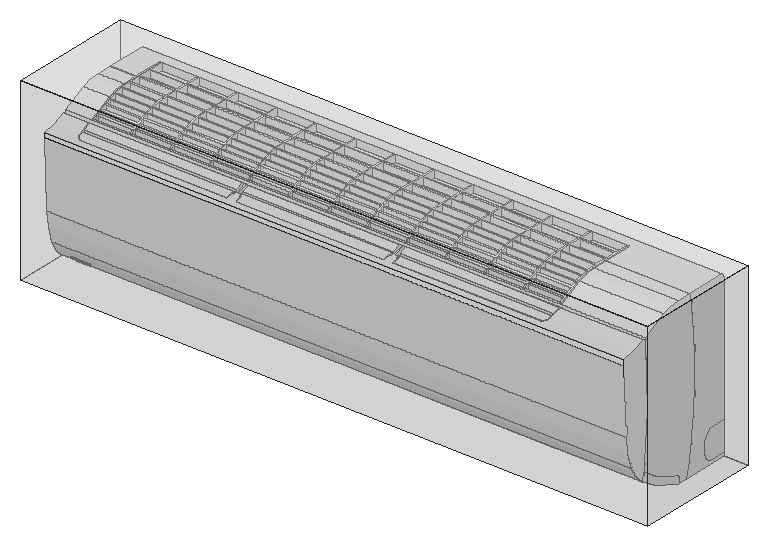
Revit family "outputfile", category 機械設備, Revit 2024
Family settings
  丸型コネクタ寸法 = 半径を使用
  パーツ タイプ = 標準
  OmniClass 番号 = 23.75.10.24.21.27.27
  OmniClass タイトル = Split System Air Conditioning Units
  作業面ベース = いいえ
  常に垂直 = はい
  ロード時にボイドで切り取り = いいえ
  注釈の向きを維持 = いいえ
  共有 = いいえ
  部屋計算ポイント = いいえ
Parameters (values of type "FTKM95P2VMA")
  Description = ""
  製造元 = "Daikin"
  書き出し IFC クラス(タイプ) = "IfcUnitaryEquipmentType"
  定義済み IFC タイプ(タイプ) = "AIRCONDITIONINGUNIT"
  Cost = 0
  モデル = "FTKM95P2VMA"
  Type Comments = ""
  Keynote = ""
  Type Image = (empty or 0)
  Assembly Code = ""
  switch_frequency = yes
  r_Liquid Pipe Size = Liquid Pipe Size / 2  # 3.2 mm
  r_Gas Pipe Size = Gas Pipe Size / 2  # 7.95 mm
  r_Drain Pipe Size = Drain Pipe Size / 2  # 8.0 mm
  lw_powersupply [instance] = if(Left Connection_refrigerant, 389.0 mm, if(Right Connection_refrigerant, 389.0 mm, if(or(Rear Left Connection_refrigerant, Bottom Left Connection_refrigerant), 1120.0 mm, 105.0 mm)))  # 389.0 mm
  lw_liquidpipe [instance] = if(Left Connection_refrigerant, 549.0 mm, if(Right Connection_refrigerant, 549.0 mm, if(or(Rear Left Connection_refrigerant, Bottom Left Connection_refrigerant), 1135.0 mm, 85.0 mm)))  # 549.0 mm
  lw_gaspipe [instance] = if(Left Connection_refrigerant, 489.0 mm, if(Right Connection_refrigerant, 489.0 mm, if(or(Rear Left Connection_refrigerant, Bottom Left Connection_refrigerant), 1150.0 mm, 70.0 mm)))  # 489.0 mm
  lw_drainpipe [instance] = if(Left Connection_refrigerant, 554.0 mm, if(Right Connection_refrigerant, 554.0 mm, if(or(Rear Left Connection_refrigerant, Bottom Left Connection_refrigerant), 1120.0 mm, 105.0 mm)))  # 554.0 mm
  l_powersupply_length [instance] = if(Right Connection_refrigerant, 389.0 mm, if(Left Connection_refrigerant, 811.0 mm, if(or(Rear Left Connection_refrigerant, Rear Right Connection_refrigerant), 15.0 mm, 50.0 mm)))  # 389.0 mm
  l_liquidpipe_length [instance] = if(Right Connection_refrigerant, 549.0 mm, if(Left Connection_refrigerant, 651.0 mm, if(or(Rear Left Connection_refrigerant, Rear Right Connection_refrigerant), 30.0 mm, 40.0 mm)))  # 549.0 mm
  l_gaspipe_length [instance] = if(Right Connection_refrigerant, 489.0 mm, if(Left Connection_refrigerant, 711.0 mm, if(or(Rear Left Connection_refrigerant, Rear Right Connection_refrigerant), 15.0 mm, 25.0 mm)))  # 489.0 mm
  l_drainpipe_length [instance] = if(Right Connection_refrigerant, 554.0 mm, if(Left Connection_refrigerant, 646.0 mm, if(or(Rear Left Connection_refrigerant, Rear Right Connection_refrigerant), 35.0 mm, 30.0 mm)))  # 554.0 mm
  h*** = 0.0 mm  # constant formula
  connector_voltage = Voltage_50Hz  # 230 V
  connector_powerinput = [Power Input (Cooling)]  # 0.000 kW
  connector_phase = Phase_50Hz  # 1
  angle_vertical [instance] = if(or(Bottom Left Connection_refrigerant, Bottom Right Connection_refrigerant), 0.00°, 90.00°)  # 90.00°
  angle_horizontal [instance] = if(Right Connection_refrigerant, 90.00°, if(Left Connection_refrigerant, -90.00°, if(or(Rear Left Connection_refrigerant, Rear Right Connection_refrigerant), 180.00°, 0.00°)))  # 90.00°
  Width = 1200.0 mm
  Voltage_comment_50Hz = "220 - 240"
  Voltage_50Hz = 230 V
  Version = "ver.1.0"
  Unit Type = "Wall Mounted"
  Unit Mass Weight = 17.00 kg
  Unit Designation [instance] = ""
  Uniclass2015Version = "Products v1.30"
  Uniclass2015Title = "Split coil room air conditioning units"
  Uniclass2015Code = "Pr_70_65_03_86"
  URL = ""
  Total Cooling Capacity [instance] = 0.000 kW
  Sound Pressure Level_M speed (dBA) = 48
  Sound Pressure Level_L speed (dBA) = 43
  Sound Pressure Level_H speed (dBA) = 53
  Sound Power Level_H speed (dB) = 0
  Series = "Single Split_Fan Coil Unit"
  Sensible Cooling Capacity [instance] = 0.000 kW
  Refrigerant Type = "R32"
  Power Input (Cooling) = 0.000 kW
  Phase_50Hz = 1
  Option Accessory 3 [instance] = ""
  Option Accessory 2 [instance] = ""
  Option Accessory 1 [instance] = ""
  Nominal Cooling Capacity = 9.400 kW
  Minimum Circuit Amps_50Hz = 0.0 A
  Minimum Airflow = 966.00 m³/h
  Median Airflow = 1160.00 m³/h
  Maximum Fuse Amps_50Hz = 0.0 A
  Maximum Airflow = 1380.00 m³/h
  Material_Casing = DAIKIN_PureWhite_Casing_indoorunit
  Load Classification = HVAC
  Liquid Pipe Size = 6.4 mm
  Link_Nested Family [instance] = ""
  IfcVersion = ""
  IfcExportType = "AIRCONDITIONINGUNIT"
  IfcExportAs = "IfcUnitaryEquipmentType"
  Height = 340.0 mm
  Heat Exchanger Type = "Cross Fin Coil"
  Gas Pipe Size = 15.9 mm
  Frequency_50Hz = 50 Hz
  Fan Type = "Cross Flow Fan"
  Fan Drive = "Direct Drive"
  FCU Tag No. [instance] = ""
  Drain Pipe Size = 16.0 mm
  Design Supply Airflow [instance] = 0.00 m³/h
  Depth = 259.0 mm
  既定の高さ = 0.0 mm
  Cooling Entering Wet Bulb Temperature [instance] = 0.00 °C
  Cooling Entering Dry Bulb Temperature [instance] = 0.00 °C
  Cooling Ambient Wet Bulb Temperature [instance] = 0.00 °C
  Cooling Ambient Dry Bulb Temperature [instance] = 0.00 °C
  Clearance visibility [instance] = yes
  Clearance Top = 30.0 mm
  Clearance Right = 50.0 mm
  Clearance Rear = 0.0 mm
  Clearance Left = 50.0 mm
  Clearance Front = 0.0 mm
  Clearance Bottom = 0.0 mm
  Bottom Right Connection_refrigerant [instance] = no
  Bottom Left Connection_refrigerant [instance] = no
  Rear Right Connection_refrigerant [instance] = no
  Rear Left Connection_refrigerant [instance] = no
  Right Connection_refrigerant [instance] = yes
  Left Connection_refrigerant [instance] = no
Reference planes
  plane 1 "Back": y = 0
  plane 2: z = 0
  plane 3 "Center (Left/Right)": x = 0
  plane 4 "Center (Front/Back)": y = -129.5
  plane 5 "Front": y = -259
  plane 6 "Left": x = -600
  plane 7 "Right": x = 600
  plane 8 "Top": z = 0
  plane 9 "Bottom": z = -340
  plane 10: x = -650
  plane 11: z = -340
  plane 12 "ld_drainpipe": y = -15
  plane 13 "ld_liquidpipe": y = -30
  plane 14: x = 111
  plane 15: x = 51
  plane 16: x = 46
  plane 17: z = 30
  plane 18: x = 650
  plane 19: y = 0
  plane 20: y = -259
  plane 21: x = 211
  plane 22: x = 511
  plane 23: y = -35
Forms (mm)
  Extrusion 1, solid, material "DAIKIN_PureWhite_Casing_indoorunit" <- "Material_Casing"
    sketch origin (0, 0, 0) x (1, 0, 0) y (0, 0, 1)
      loop
        circle (511, -295) r 40
      loop
        circle (-535, -295) r 40
    from 0 to 5
  Extrusion 2, solid, material "DAIKIN_PureWhite_Casing_indoorunit" <- "Material_Casing"
    sketch origin (600, 1296.25, 1200) x (0, -1, 0) y (0, 0, 1)
      loop
        line (1326.25, -1472) -> (1296.25, -1472) -> (1296.25, -1532) -> (1326.25, -1532)
        arc (1326.25, -1532) -> (1340.393, -1526.142) -> (1346.25, -1512) r 20
        line (1346.25, -1512) -> (1346.25, -1492)
        arc (1346.25, -1492) -> (1340.393, -1477.858) -> (1326.25, -1472) r 20
    from 0 to 5
  Extrusion 3, solid, material "DAIKIN_PureWhite_Casing_indoorunit" <- "Material_Casing"
    sketch origin (-600, 1296.25, 1200) x (0, 1, 0) y (0, 0, 1)
      loop
        line (-1296.25, -1472) -> (-1326.25, -1472)
        arc (-1326.25, -1472) -> (-1340.393, -1477.858) -> (-1346.25, -1492) r 20
        line (-1346.25, -1492) -> (-1346.25, -1512)
        arc (-1346.25, -1512) -> (-1340.393, -1526.142) -> (-1326.25, -1532) r 20
        line (-1326.25, -1532) -> (-1296.25, -1532) -> (-1296.25, -1472)
    from 0 to 5
  Extrusion 4, solid, material "DAIKIN_PureWhite_Casing_indoorunit" <- "Material_Casing"
    sketch origin (0, 0, -340) x (-1, 0, 0) y (0, -1, 0)
      loop
        line (-481, 0) -> (-481, 30)
        arc (-481, 30) -> (-486.858, 44.142) -> (-501, 50) r 20
        line (-501, 50) -> (-521, 50)
        arc (-521, 50) -> (-535.142, 44.142) -> (-541, 30) r 20
        line (-541, 30) -> (-541, 0) -> (-481, 0)
      loop
        line (565, 0) -> (565, 30)
        arc (565, 30) -> (559.142, 44.142) -> (545, 50) r 20
        line (545, 50) -> (525, 50)
        arc (525, 50) -> (510.858, 44.142) -> (505, 30) r 20
        line (505, 30) -> (505, 0) -> (565, 0)
    from 0 to 5
  Extrusion 5, solid, material "DAIKIN_PureWhite_Casing_indoorunit" <- "Material_Casing"
    sketch origin (-600, 1296.25, 1200) x (0, 1, 0) y (0, 0, 1)
      loop
        arc (-1384.085, -1200) -> (-1382.584, -1209.393) -> (-1381.156, -1218.797) r 1217.3
        arc (-1381.156, -1218.797) -> (-1378.93, -1237.783) -> (-1376.836, -1256.785) r 2738.4
        arc (-1376.836, -1256.785) -> (-1376.212, -1263.453) -> (-1375.66, -1270.127) r 616.9
        arc (-1375.66, -1270.127) -> (-1373.897, -1298.249) -> (-1372.816, -1326.405) r 1161.9
        arc (-1372.816, -1326.405) -> (-1372.551, -1347.31) -> (-1372.774, -1368.215) r 895.6
        arc (-1372.774, -1368.215) -> (-1373.847, -1397.407) -> (-1375.67, -1426.561) r 1135.9
        arc (-1375.67, -1426.561) -> (-1375.876, -1428.629) -> (-1376.05, -1430.7) r 137.566
        line (-1376.05, -1430.7) -> (-1376.748, -1437.825)
        arc (-1376.748, -1437.825) -> (-1376.846, -1438.875) -> (-1376.947, -1439.926) r 581.3
        arc (-1376.947, -1439.926) -> (-1378.672, -1455.935) -> (-1380.558, -1471.925) r 1594.373
        line (-1380.558, -1471.925) -> (-1381.15, -1476.7) -> (-1382.29, -1485.103)
        arc (-1382.29, -1485.103) -> (-1384.162, -1497.489) -> (-1386.134, -1509.86) r 1546.6
        arc (-1386.134, -1509.86) -> (-1388.869, -1524.943) -> (-1391.741, -1540) r 1684.8
        line (-1391.741, -1540) -> (-1296.25, -1540) -> (-1296.25, -1208) -> (-1301.25, -1200) -> (-1384.085, -1200)
    from 0 to 1200
  Extrusion 6, solid, material "DAIKIN_PureWhite_Casing_indoorunit" <- "Material_Casing"
    sketch origin (-600, 1296.25, 1200) x (0, 1, 0) y (0, 0, 1)
      loop
        arc (-1414.55, -1200) -> (-1434.024, -1201.914) -> (-1452.752, -1207.585) r 100
        arc (-1452.752, -1207.585) -> (-1476.474, -1218.33) -> (-1499.225, -1231) r 314.805
        line (-1499.225, -1231) -> (-1502.28, -1239.145)
        arc (-1502.28, -1239.145) -> (-1495.253, -1346.307) -> (-1501.778, -1453.5) r 851
        line (-1501.778, -1453.5) -> (-1501.982, -1455.13)
        arc (-1501.982, -1455.13) -> (-1503.516, -1466.618) -> (-1505.205, -1478.084) r 851
        arc (-1505.205, -1478.084) -> (-1474.895, -1497.904) -> (-1442.314, -1513.717) r 284.7
        arc (-1442.314, -1513.717) -> (-1431.603, -1517.85) -> (-1420.733, -1521.548) r 284.8
        arc (-1420.733, -1521.548) -> (-1416.044, -1524.921) -> (-1414.25, -1530.411) r 9.3
        line (-1414.25, -1530.411) -> (-1414.25, -1539.117)
        arc (-1414.25, -1539.117) -> (-1412.616, -1539.563) -> (-1410.98, -1540) r 299.8
        line (-1410.98, -1540) -> (-1391.741, -1540)
        arc (-1391.741, -1540) -> (-1389.65, -1529.113) -> (-1387.631, -1518.212) r 1684.8
        line (-1387.631, -1518.212) -> (-1386.731, -1513.212) -> (-1385.002, -1502.84)
        arc (-1385.002, -1502.84) -> (-1383.621, -1493.975) -> (-1382.29, -1485.103) r 1546.6
        line (-1382.29, -1485.103) -> (-1381.15, -1476.7) -> (-1380.558, -1471.925)
        arc (-1380.558, -1471.925) -> (-1378.672, -1455.935) -> (-1376.947, -1439.926) r 1594.373
        arc (-1376.947, -1439.926) -> (-1376.846, -1438.875) -> (-1376.75, -1437.8) r 581.3
        line (-1376.75, -1437.8) -> (-1376.05, -1430.7)
        arc (-1376.05, -1430.7) -> (-1375.876, -1428.629) -> (-1375.67, -1426.561) r 137.566
        arc (-1375.67, -1426.561) -> (-1373.847, -1397.407) -> (-1372.774, -1368.215) r 1135.9
        arc (-1372.774, -1368.215) -> (-1372.551, -1347.31) -> (-1372.816, -1326.405) r 895.6
        arc (-1372.816, -1326.405) -> (-1373.897, -1298.249) -> (-1375.66, -1270.127) r 1161.9
        arc (-1375.66, -1270.127) -> (-1376.212, -1263.453) -> (-1376.836, -1256.785) r 616.9
        arc (-1376.836, -1256.785) -> (-1378.693, -1239.872) -> (-1380.655, -1222.971) r 2738.4
        arc (-1380.655, -1222.971) -> (-1381.22, -1218.629) -> (-1381.831, -1214.293) r 417.8
        arc (-1381.831, -1214.293) -> (-1382.937, -1207.143) -> (-1384.085, -1200) r 1217.3
        line (-1384.085, -1200) -> (-1414.55, -1200)
    from 0 to 1200
  Extrusion 7, solid, material "DAIKIN_PureWhite_Casing_indoorunit" <- "Material_Casing"
    sketch origin (-600, 1296.25, 1200) x (0, 1, 0) y (0, 0, 1)
      loop
        arc (-1507.93, -1494.658) -> (-1478.905, -1512.844) -> (-1447.994, -1527.6) r 299.7
        arc (-1447.994, -1527.6) -> (-1431.293, -1533.86) -> (-1414.25, -1539.117) r 299.8
        line (-1414.25, -1539.117) -> (-1414.25, -1530.411)
        arc (-1414.25, -1530.411) -> (-1416.044, -1524.921) -> (-1420.733, -1521.548) r 9.3
        arc (-1420.733, -1521.548) -> (-1431.603, -1517.85) -> (-1442.314, -1513.717) r 284.8
        arc (-1442.314, -1513.717) -> (-1474.895, -1497.904) -> (-1505.205, -1478.084) r 284.7
        arc (-1505.205, -1478.084) -> (-1506.527, -1486.377) -> (-1507.93, -1494.658) r 851
    from 0 to 1200
  Extrusion 8, void
    sketch origin (-600, 1296.25, 1200) x (0, 1, 0) y (0, 0, 1)
      loop
        line (-1414.25, -1544.301) -> (-1414.25, -1530.411)
        arc (-1414.25, -1530.411) -> (-1416.044, -1524.921) -> (-1420.733, -1521.548) r 9.3
        arc (-1420.733, -1521.548) -> (-1431.603, -1517.85) -> (-1442.314, -1513.717) r 284.8
        arc (-1442.314, -1513.717) -> (-1474.895, -1497.904) -> (-1505.205, -1478.084) r 284.7
        arc (-1505.205, -1478.084) -> (-1506.979, -1489.099) -> (-1508.897, -1500.091) r 851
        arc (-1508.897, -1500.091) -> (-1480.28, -1517.791) -> (-1449.887, -1532.228) r 304.7
        arc (-1449.887, -1532.228) -> (-1432.255, -1538.815) -> (-1414.25, -1544.301) r 304.8
    from 47 to 1024
  Extrusion 9, solid, material "DAIKIN_PureWhite_Casing_indoorunit" <- "Material_Casing"
    sketch origin (-600, 1296.25, 1100) x (0, 1, 0) y (0, 0, 1)
      loop
        arc (-1507.885, -1394.678) -> (-1486.868, -1408.302) -> (-1464.786, -1420.124) r 299.701
        line (-1464.786, -1420.124) -> (-1458.696, -1407.518)
        arc (-1458.696, -1407.518) -> (-1482.692, -1394.492) -> (-1505.335, -1379.235) r 285.7
        arc (-1505.335, -1379.235) -> (-1506.574, -1386.963) -> (-1507.885, -1394.678) r 851.024
      loop
        arc (-1448.076, -1427.563) -> (-1441.661, -1430.104) -> (-1435.19, -1432.496) r 299.8
        line (-1435.19, -1432.496) -> (-1430.487, -1419.314)
        arc (-1430.487, -1419.314) -> (-1444.37, -1413.95) -> (-1457.955, -1407.87) r 285.8
        line (-1457.955, -1407.87) -> (-1464.006, -1420.505)
        arc (-1464.006, -1420.505) -> (-1456.092, -1424.15) -> (-1448.076, -1427.563) r 299.705
    from 52 to 1019
  Extrusion 10, solid, material "DAIKIN_PureWhite_Casing_indoorunit" <- "Material_Casing"
    sketch origin (-600, 1296.25, 1200) x (0, 1, 0) y (0, 0, 1)
      loop
        arc (-1507.918, -1494.588) -> (-1495.467, -1367.485) -> (-1502.176, -1239.949) r 851
        arc (-1502.176, -1239.949) -> (-1502.486, -1237.562) -> (-1502.803, -1235.176) r 851
        line (-1502.803, -1235.176) -> (-1504.147, -1234)
        arc (-1504.147, -1234) -> (-1529.2, -1243.032) -> (-1555.25, -1248.565) r 195
        line (-1555.25, -1248.565) -> (-1555.25, -1258.08)
        arc (-1555.25, -1258.08) -> (-1553.575, -1326.437) -> (-1549.278, -1394.679) r 1781.946
        arc (-1549.278, -1394.679) -> (-1544.581, -1427.054) -> (-1535.917, -1458.6) r 264.022
        arc (-1535.917, -1458.6) -> (-1524.928, -1478.936) -> (-1507.918, -1494.588) r 70.049
    from 0 to 1200
  Extrusion 11, void
    sketch origin (-600, 1296.25, 1200) x (0, 1, 0) y (0, 0, 1)
      loop
        line (-1496.75, -1223.686) -> (-1496.75, -1247.152)
        arc (-1496.75, -1247.152) -> (-1472.513, -1233.15) -> (-1447.076, -1221.469) r 299.805
        arc (-1447.076, -1221.469) -> (-1431.132, -1216.633) -> (-1414.55, -1215) r 85
        line (-1414.55, -1215) -> (-1324.05, -1215) -> (-1324.05, -1195) -> (-1414.55, -1195)
        arc (-1414.55, -1195) -> (-1434.988, -1197.008) -> (-1454.644, -1202.956) r 105
        arc (-1454.644, -1202.956) -> (-1476.078, -1212.547) -> (-1496.75, -1223.686) r 319.805
    from 53 to 1025
  Extrusion 12, solid, material "DAIKIN_PureWhite_Casing_indoorunit" <- "Material_Casing"
    sketch origin (-600, 1296.25, 1200) x (0, 1, 0) y (0, 0, 1)
      loop
        line (-1324.05, -1200) -> (-1414.55, -1200)
        arc (-1414.55, -1200) -> (-1434.024, -1201.914) -> (-1452.752, -1207.585) r 100
        arc (-1452.752, -1207.585) -> (-1475.18, -1217.682) -> (-1496.75, -1229.5) r 314.805
        line (-1496.75, -1229.5) -> (-1496.75, -1247.152)
        arc (-1496.75, -1247.152) -> (-1472.513, -1233.15) -> (-1447.076, -1221.469) r 299.805
        arc (-1447.076, -1221.469) -> (-1431.132, -1216.633) -> (-1414.55, -1215) r 85
        line (-1414.55, -1215) -> (-1324.05, -1215) -> (-1324.05, -1200)
    from 53 to 1025
  Extrusion 13, void
    sketch origin (0, 0, 770.025) x (-1, 0, 0) y (0, -1, 0)
      loop
        arc (546.513, 235.15) -> (542.989, 242.307) -> (535.554, 245.2) r 11
        line (535.554, 245.2) -> (233.402, 245.2) -> (233.402, 231.7) -> (230.402, 231.7) -> (230.402, 227.2) -> (225.152, 227.2) -> (225.152, 206.552) -> (550.37, 206.552)
        arc (550.37, 206.552) -> (549.357, 206.947) -> (548.876, 207.923) r 1.5
        line (548.876, 207.923) -> (546.513, 235.15)
      loop
        arc (-413.554, 245.2) -> (-420.989, 242.307) -> (-424.513, 235.15) r 11
        line (-424.513, 235.15) -> (-426.876, 207.923)
        arc (-426.876, 207.923) -> (-427.357, 206.947) -> (-428.371, 206.552) r 1.5
        line (-428.371, 206.552) -> (-102.848, 206.552) -> (-102.848, 227.2) -> (-108.098, 227.2) -> (-108.098, 231.7) -> (-111.098, 231.7) -> (-111.098, 245.2) -> (-413.554, 245.2)
      loop
        line (222.652, 206.552) -> (222.652, 227.2) -> (217.402, 227.2) -> (217.402, 231.7) -> (214.402, 231.7) -> (214.402, 245.2) -> (-92.098, 245.2) -> (-92.098, 231.7) -> (-95.098, 231.7) -> (-95.098, 227.2) -> (-100.348, 227.2) -> (-100.348, 206.552) -> (222.652, 206.552)
    from -820.404 to -800.025
  Extrusion 14, solid, material "DAIKIN_PureWhite_Casing_indoorunit" <- "Material_Casing"
    sketch origin (0, 0, 820.025) x (-1, 0, 0) y (0, -1, 0)
      loop
        arc (546.513, 235.15) -> (542.989, 242.307) -> (535.554, 245.2) r 11
        line (535.554, 245.2) -> (233.402, 245.2) -> (233.402, 231.7) -> (230.402, 231.7) -> (230.402, 227.2) -> (547.202, 227.2) -> (546.513, 235.15)
      loop
        arc (-413.554, 245.2) -> (-420.989, 242.307) -> (-424.513, 235.15) r 11
        line (-424.513, 235.15) -> (-425.202, 227.2) -> (-108.098, 227.2) -> (-108.098, 231.7) -> (-111.098, 231.7) -> (-111.098, 245.2) -> (-413.554, 245.2)
      loop
        line (548.876, 207.897) -> (547.566, 223) -> (230.402, 223) -> (230.402, 206.552) -> (550.37, 206.552)
        arc (550.37, 206.552) -> (549.357, 206.947) -> (548.876, 207.897) r 1.5
      loop
        line (-108.098, 206.552) -> (-108.098, 223) -> (-425.567, 223) -> (-426.876, 207.923)
        arc (-426.876, 207.923) -> (-427.357, 206.947) -> (-428.371, 206.552) r 1.5
        line (-428.371, 206.552) -> (-108.098, 206.552)
      loop
        line (217.402, 206.552) -> (217.402, 223) -> (-95.098, 223) -> (-95.098, 206.552) -> (217.402, 206.552)
      loop
        line (214.402, 245.2) -> (-92.098, 245.2) -> (-92.098, 231.7) -> (-95.098, 231.7) -> (-95.098, 227.2) -> (217.402, 227.2) -> (217.402, 231.7) -> (214.402, 231.7) -> (214.402, 245.2)
    from -869.974 to -850.025
  Extrusion 15, void
    sketch origin (-600, 1296.25, 1200) x (0, 1, 0) y (0, 0, 1)
      loop
        line (-1504.147, -1234) -> (-1502.803, -1235.176) -> (-1502.803, -1226.787) -> (-1541.45, -1226.787) -> (-1541.45, -1246.098)
        arc (-1541.45, -1246.098) -> (-1522.494, -1240.989) -> (-1504.147, -1234) r 195
    from 42.955 to 1056.244
  Extrusion 16, void
    sketch origin (2000, -3000, 770.025) x (-1, 0, 0) y (0, -1, 0)
      loop
        line (2469.102, -2972.2) -> (2543, -2972.2) -> (2543, -2944.306) -> (2469.102, -2944.306) -> (2469.102, -2972.2)
      loop
        line (2469.102, -2806.638) -> (2543, -2806.638) -> (2543, -2799.5) -> (2469.102, -2799.5) -> (2469.102, -2806.638)
      loop
        line (2469.102, -2816.646) -> (2543, -2816.646) -> (2543, -2809.343) -> (2469.102, -2809.343) -> (2469.102, -2816.646)
      loop
        line (2469.102, -2827.654) -> (2543, -2827.654) -> (2543, -2819.336) -> (2469.102, -2819.336) -> (2469.102, -2827.654)
      loop
        line (2469.102, -2838.661) -> (2543, -2838.661) -> (2543, -2830.33) -> (2469.102, -2830.33) -> (2469.102, -2838.661)
      loop
        line (2469.102, -2852.675) -> (2543, -2852.675) -> (2543, -2841.325) -> (2469.102, -2841.325) -> (2469.102, -2852.675)
      loop
        line (2469.102, -2868.69) -> (2543, -2868.69) -> (2543, -2855.314) -> (2469.102, -2855.314) -> (2469.102, -2868.69)
      loop
        line (2469.102, -2889.694) -> (2543, -2889.694) -> (2543, -2871.306) -> (2469.102, -2871.306) -> (2469.102, -2889.694)
      loop
        line (2469.102, -2913.694) -> (2543, -2913.694) -> (2543, -2892.306) -> (2469.102, -2892.306) -> (2469.102, -2913.694)
      loop
        line (2469.102, -2941.694) -> (2543, -2941.694) -> (2543, -2916.306) -> (2469.102, -2916.306) -> (2469.102, -2941.694)
      loop
        line (2387.902, -2972.2) -> (2466.102, -2972.2) -> (2466.102, -2944.306) -> (2387.902, -2944.306) -> (2387.902, -2972.2)
      loop
        line (2387.902, -2806.638) -> (2466.102, -2806.638) -> (2466.102, -2799.5) -> (2387.902, -2799.5) -> (2387.902, -2806.638)
      loop
        line (2387.902, -2816.646) -> (2466.102, -2816.646) -> (2466.102, -2809.343) -> (2387.902, -2809.343) -> (2387.902, -2816.646)
      loop
        line (2387.902, -2827.654) -> (2466.102, -2827.654) -> (2466.102, -2819.336) -> (2387.902, -2819.336) -> (2387.902, -2827.654)
      loop
        line (2387.902, -2838.661) -> (2466.102, -2838.661) -> (2466.102, -2830.33) -> (2387.902, -2830.33) -> (2387.902, -2838.661)
      loop
        line (2387.902, -2852.675) -> (2466.102, -2852.675) -> (2466.102, -2841.325) -> (2387.902, -2841.325) -> (2387.902, -2852.675)
      loop
        line (2387.902, -2868.69) -> (2466.102, -2868.69) -> (2466.102, -2855.314) -> (2387.902, -2855.314) -> (2387.902, -2868.69)
      loop
        line (2387.902, -2889.694) -> (2466.102, -2889.694) -> (2466.102, -2871.306) -> (2387.902, -2871.306) -> (2387.902, -2889.694)
      loop
        line (2387.902, -2913.694) -> (2466.102, -2913.694) -> (2466.102, -2892.306) -> (2387.902, -2892.306) -> (2387.902, -2913.694)
      loop
        line (2387.902, -2941.694) -> (2466.102, -2941.694) -> (2466.102, -2916.306) -> (2387.902, -2916.306) -> (2387.902, -2941.694)
      loop
        line (2225.152, -2972.2) -> (2303.702, -2972.2) -> (2303.702, -2944.306) -> (2225.152, -2944.306) -> (2225.152, -2972.2)
      loop
        line (2225.152, -2806.638) -> (2303.702, -2806.638) -> (2303.702, -2799.5) -> (2225.152, -2799.5) -> (2225.152, -2806.638)
      loop
        line (2225.152, -2816.646) -> (2303.702, -2816.646) -> (2303.702, -2809.343) -> (2225.152, -2809.343) -> (2225.152, -2816.646)
      loop
        line (2225.152, -2827.654) -> (2303.702, -2827.654) -> (2303.702, -2819.336) -> (2225.152, -2819.336) -> (2225.152, -2827.654)
      loop
        line (2225.152, -2838.661) -> (2303.702, -2838.661) -> (2303.702, -2830.33) -> (2225.152, -2830.33) -> (2225.152, -2838.661)
      loop
        line (2225.152, -2852.675) -> (2303.702, -2852.675) -> (2303.702, -2841.325) -> (2225.152, -2841.325) -> (2225.152, -2852.675)
      loop
        line (2225.152, -2868.69) -> (2303.702, -2868.69) -> (2303.702, -2855.314) -> (2225.152, -2855.314) -> (2225.152, -2868.69)
      loop
        line (2225.152, -2889.694) -> (2303.702, -2889.694) -> (2303.702, -2871.306) -> (2225.152, -2871.306) -> (2225.152, -2889.694)
      loop
        line (2225.152, -2913.694) -> (2303.702, -2913.694) -> (2303.702, -2892.306) -> (2225.152, -2892.306) -> (2225.152, -2913.694)
      loop
        line (2225.152, -2941.694) -> (2303.702, -2941.694) -> (2303.702, -2916.306) -> (2225.152, -2916.306) -> (2225.152, -2941.694)
      loop
        line (2306.702, -2972.2) -> (2384.902, -2972.2) -> (2384.902, -2944.306) -> (2306.702, -2944.306) -> (2306.702, -2972.2)
      loop
        line (2306.702, -2806.638) -> (2384.902, -2806.638) -> (2384.902, -2799.5) -> (2306.702, -2799.5) -> (2306.702, -2806.638)
      loop
        line (2306.702, -2816.646) -> (2384.902, -2816.646) -> (2384.902, -2809.343) -> (2306.702, -2809.343) -> (2306.702, -2816.646)
      loop
        line (2306.702, -2827.654) -> (2384.902, -2827.654) -> (2384.902, -2819.336) -> (2306.702, -2819.336) -> (2306.702, -2827.654)
      loop
        line (2306.702, -2838.661) -> (2384.902, -2838.661) -> (2384.902, -2830.33) -> (2306.702, -2830.33) -> (2306.702, -2838.661)
      loop
        line (2306.702, -2852.675) -> (2384.902, -2852.675) -> (2384.902, -2841.325) -> (2306.702, -2841.325) -> (2306.702, -2852.675)
      loop
        line (2306.702, -2868.69) -> (2384.902, -2868.69) -> (2384.902, -2855.314) -> (2306.702, -2855.314) -> (2306.702, -2868.69)
      loop
        line (2306.702, -2889.694) -> (2384.902, -2889.694) -> (2384.902, -2871.306) -> (2306.702, -2871.306) -> (2306.702, -2889.694)
      loop
        line (2306.702, -2913.694) -> (2384.902, -2913.694) -> (2384.902, -2892.306) -> (2306.702, -2892.306) -> (2306.702, -2913.694)
      loop
        line (2306.702, -2941.694) -> (2384.902, -2941.694) -> (2384.902, -2916.306) -> (2306.702, -2916.306) -> (2306.702, -2941.694)
      loop
        line (2143.602, -2972.2) -> (2222.652, -2972.2) -> (2222.652, -2944.306) -> (2143.602, -2944.306) -> (2143.602, -2972.2)
      loop
        line (2143.602, -2806.638) -> (2222.652, -2806.638) -> (2222.652, -2799.5) -> (2143.602, -2799.5) -> (2143.602, -2806.638)
      loop
        line (2143.602, -2816.646) -> (2222.652, -2816.646) -> (2222.652, -2809.343) -> (2143.602, -2809.343) -> (2143.602, -2816.646)
      loop
        line (2143.602, -2827.654) -> (2222.652, -2827.654) -> (2222.652, -2819.336) -> (2143.602, -2819.336) -> (2143.602, -2827.654)
      loop
        line (2143.602, -2838.661) -> (2222.652, -2838.661) -> (2222.652, -2830.33) -> (2143.602, -2830.33) -> (2143.602, -2838.661)
      loop
        line (2143.602, -2852.675) -> (2222.652, -2852.675) -> (2222.652, -2841.325) -> (2143.602, -2841.325) -> (2143.602, -2852.675)
      loop
        line (2143.602, -2868.69) -> (2222.652, -2868.69) -> (2222.652, -2855.314) -> (2143.602, -2855.314) -> (2143.602, -2868.69)
      loop
        line (2143.602, -2889.694) -> (2222.652, -2889.694) -> (2222.652, -2871.306) -> (2143.602, -2871.306) -> (2143.602, -2889.694)
      loop
        line (2143.602, -2913.694) -> (2222.652, -2913.694) -> (2222.652, -2892.306) -> (2143.602, -2892.306) -> (2143.602, -2913.694)
      loop
        line (2143.602, -2941.694) -> (2222.652, -2941.694) -> (2222.652, -2916.306) -> (2143.602, -2916.306) -> (2143.602, -2941.694)
      loop
        line (2062.402, -2972.2) -> (2140.602, -2972.2) -> (2140.602, -2944.306) -> (2062.402, -2944.306) -> (2062.402, -2972.2)
      loop
        line (2062.402, -2806.638) -> (2140.602, -2806.638) -> (2140.602, -2799.5) -> (2062.402, -2799.5) -> (2062.402, -2806.638)
      loop
        line (2062.402, -2816.646) -> (2140.602, -2816.646) -> (2140.602, -2809.343) -> (2062.402, -2809.343) -> (2062.402, -2816.646)
      loop
        line (2062.402, -2827.654) -> (2140.602, -2827.654) -> (2140.602, -2819.336) -> (2062.402, -2819.336) -> (2062.402, -2827.654)
      loop
        line (2062.402, -2838.661) -> (2140.602, -2838.661) -> (2140.602, -2830.33) -> (2062.402, -2830.33) -> (2062.402, -2838.661)
      loop
        line (2062.402, -2852.675) -> (2140.602, -2852.675) -> (2140.602, -2841.325) -> (2062.402, -2841.325) -> (2062.402, -2852.675)
      loop
        line (2062.402, -2868.69) -> (2140.602, -2868.69) -> (2140.602, -2855.314) -> (2062.402, -2855.314) -> (2062.402, -2868.69)
      loop
        line (2062.402, -2889.694) -> (2140.602, -2889.694) -> (2140.602, -2871.306) -> (2062.402, -2871.306) -> (2062.402, -2889.694)
      loop
        line (2062.402, -2913.694) -> (2140.602, -2913.694) -> (2140.602, -2892.306) -> (2062.402, -2892.306) -> (2062.402, -2913.694)
      loop
        line (2062.402, -2941.694) -> (2140.602, -2941.694) -> (2140.602, -2916.306) -> (2062.402, -2916.306) -> (2062.402, -2941.694)
      loop
        line (1981.202, -2972.2) -> (2059.402, -2972.2) -> (2059.402, -2944.306) -> (1981.202, -2944.306) -> (1981.202, -2972.2)
      loop
        line (1981.202, -2806.638) -> (2059.402, -2806.638) -> (2059.402, -2799.5) -> (1981.202, -2799.5) -> (1981.202, -2806.638)
      loop
        line (1981.202, -2816.646) -> (2059.402, -2816.646) -> (2059.402, -2809.343) -> (1981.202, -2809.343) -> (1981.202, -2816.646)
      loop
        line (1981.202, -2827.654) -> (2059.402, -2827.654) -> (2059.402, -2819.336) -> (1981.202, -2819.336) -> (1981.202, -2827.654)
      loop
        line (1981.202, -2838.661) -> (2059.402, -2838.661) -> (2059.402, -2830.33) -> (1981.202, -2830.33) -> (1981.202, -2838.661)
      loop
        line (1981.202, -2852.675) -> (2059.402, -2852.675) -> (2059.402, -2841.325) -> (1981.202, -2841.325) -> (1981.202, -2852.675)
      loop
        line (1981.202, -2868.69) -> (2059.402, -2868.69) -> (2059.402, -2855.314) -> (1981.202, -2855.314) -> (1981.202, -2868.69)
      loop
        line (1981.202, -2889.694) -> (2059.402, -2889.694) -> (2059.402, -2871.306) -> (1981.202, -2871.306) -> (1981.202, -2889.694)
      loop
        line (1981.202, -2913.694) -> (2059.402, -2913.694) -> (2059.402, -2892.306) -> (1981.202, -2892.306) -> (1981.202, -2913.694)
      loop
        line (1981.202, -2941.694) -> (2059.402, -2941.694) -> (2059.402, -2916.306) -> (1981.202, -2916.306) -> (1981.202, -2941.694)
      loop
        line (1899.652, -2972.2) -> (1978.202, -2972.2) -> (1978.202, -2944.306) -> (1899.652, -2944.306) -> (1899.652, -2972.2)
      loop
        line (1899.652, -2806.638) -> (1978.202, -2806.638) -> (1978.202, -2799.5) -> (1899.652, -2799.5) -> (1899.652, -2806.638)
      loop
        line (1899.652, -2816.646) -> (1978.202, -2816.646) -> (1978.202, -2809.343) -> (1899.652, -2809.343) -> (1899.652, -2816.646)
      loop
        line (1899.652, -2827.654) -> (1978.202, -2827.654) -> (1978.202, -2819.336) -> (1899.652, -2819.336) -> (1899.652, -2827.654)
      loop
        line (1899.652, -2838.661) -> (1978.202, -2838.661) -> (1978.202, -2830.33) -> (1899.652, -2830.33) -> (1899.652, -2838.661)
      loop
        line (1899.652, -2852.675) -> (1978.202, -2852.675) -> (1978.202, -2841.325) -> (1899.652, -2841.325) -> (1899.652, -2852.675)
      loop
        line (1899.652, -2868.69) -> (1978.202, -2868.69) -> (1978.202, -2855.314) -> (1899.652, -2855.314) -> (1899.652, -2868.69)
      loop
        line (1899.652, -2889.694) -> (1978.202, -2889.694) -> (1978.202, -2871.306) -> (1899.652, -2871.306) -> (1899.652, -2889.694)
      loop
        line (1899.652, -2913.694) -> (1978.202, -2913.694) -> (1978.202, -2892.306) -> (1899.652, -2892.306) -> (1899.652, -2913.694)
      loop
        line (1899.652, -2941.694) -> (1978.202, -2941.694) -> (1978.202, -2916.306) -> (1899.652, -2916.306) -> (1899.652, -2941.694)
      loop
        line (1818.102, -2972.2) -> (1897.152, -2972.2) -> (1897.152, -2944.306) -> (1818.102, -2944.306) -> (1818.102, -2972.2)
      loop
        line (1818.102, -2806.638) -> (1897.152, -2806.638) -> (1897.152, -2799.5) -> (1818.102, -2799.5) -> (1818.102, -2806.638)
      loop
        line (1818.102, -2816.646) -> (1897.152, -2816.646) -> (1897.152, -2809.343) -> (1818.102, -2809.343) -> (1818.102, -2816.646)
      loop
        line (1818.102, -2827.654) -> (1897.152, -2827.654) -> (1897.152, -2819.336) -> (1818.102, -2819.336) -> (1818.102, -2827.654)
      loop
        line (1818.102, -2838.661) -> (1897.152, -2838.661) -> (1897.152, -2830.33) -> (1818.102, -2830.33) -> (1818.102, -2838.661)
      loop
        line (1818.102, -2852.675) -> (1897.152, -2852.675) -> (1897.152, -2841.325) -> (1818.102, -2841.325) -> (1818.102, -2852.675)
      loop
        line (1818.102, -2868.69) -> (1897.152, -2868.69) -> (1897.152, -2855.314) -> (1818.102, -2855.314) -> (1818.102, -2868.69)
      loop
        line (1818.102, -2889.694) -> (1897.152, -2889.694) -> (1897.152, -2871.306) -> (1818.102, -2871.306) -> (1818.102, -2889.694)
      loop
        line (1818.102, -2913.694) -> (1897.152, -2913.694) -> (1897.152, -2892.306) -> (1818.102, -2892.306) -> (1818.102, -2913.694)
      loop
        line (1818.102, -2941.694) -> (1897.152, -2941.694) -> (1897.152, -2916.306) -> (1818.102, -2916.306) -> (1818.102, -2941.694)
      loop
        line (1736.902, -2972.2) -> (1815.102, -2972.2) -> (1815.102, -2944.306) -> (1736.902, -2944.306) -> (1736.902, -2972.2)
      loop
        line (1736.902, -2806.638) -> (1815.102, -2806.638) -> (1815.102, -2799.5) -> (1736.902, -2799.5) -> (1736.902, -2806.638)
      loop
        line (1736.902, -2816.646) -> (1815.102, -2816.646) -> (1815.102, -2809.343) -> (1736.902, -2809.343) -> (1736.902, -2816.646)
      loop
        line (1736.902, -2827.654) -> (1815.102, -2827.654) -> (1815.102, -2819.336) -> (1736.902, -2819.336) -> (1736.902, -2827.654)
      loop
        line (1736.902, -2838.661) -> (1815.102, -2838.661) -> (1815.102, -2830.33) -> (1736.902, -2830.33) -> (1736.902, -2838.661)
      loop
        line (1736.902, -2852.675) -> (1815.102, -2852.675) -> (1815.102, -2841.325) -> (1736.902, -2841.325) -> (1736.902, -2852.675)
      loop
        line (1736.902, -2868.69) -> (1815.102, -2868.69) -> (1815.102, -2855.314) -> (1736.902, -2855.314) -> (1736.902, -2868.69)
      loop
        line (1736.902, -2889.694) -> (1815.102, -2889.694) -> (1815.102, -2871.306) -> (1736.902, -2871.306) -> (1736.902, -2889.694)
      loop
        line (1736.902, -2913.694) -> (1815.102, -2913.694) -> (1815.102, -2892.306) -> (1736.902, -2892.306) -> (1736.902, -2913.694)
      loop
        line (1736.902, -2941.694) -> (1815.102, -2941.694) -> (1815.102, -2916.306) -> (1736.902, -2916.306) -> (1736.902, -2941.694)
      loop
        line (1655.702, -2972.2) -> (1733.902, -2972.2) -> (1733.902, -2944.306) -> (1655.702, -2944.306) -> (1655.702, -2972.2)
      loop
        line (1655.702, -2806.638) -> (1733.902, -2806.638) -> (1733.902, -2799.5) -> (1655.702, -2799.5) -> (1655.702, -2806.638)
      loop
        line (1655.702, -2816.646) -> (1733.902, -2816.646) -> (1733.902, -2809.343) -> (1655.702, -2809.343) -> (1655.702, -2816.646)
      loop
        line (1655.702, -2827.654) -> (1733.902, -2827.654) -> (1733.902, -2819.336) -> (1655.702, -2819.336) -> (1655.702, -2827.654)
      loop
        line (1655.702, -2838.661) -> (1733.902, -2838.661) -> (1733.902, -2830.33) -> (1655.702, -2830.33) -> (1655.702, -2838.661)
      loop
        line (1655.702, -2852.675) -> (1733.902, -2852.675) -> (1733.902, -2841.325) -> (1655.702, -2841.325) -> (1655.702, -2852.675)
      loop
        line (1655.702, -2868.69) -> (1733.902, -2868.69) -> (1733.902, -2855.314) -> (1655.702, -2855.314) -> (1655.702, -2868.69)
      loop
        line (1655.702, -2889.694) -> (1733.902, -2889.694) -> (1733.902, -2871.306) -> (1655.702, -2871.306) -> (1655.702, -2889.694)
      loop
        line (1655.702, -2913.694) -> (1733.902, -2913.694) -> (1733.902, -2892.306) -> (1655.702, -2892.306) -> (1655.702, -2913.694)
      loop
        line (1655.702, -2941.694) -> (1733.902, -2941.694) -> (1733.902, -2916.306) -> (1655.702, -2916.306) -> (1655.702, -2941.694)
      loop
        line (1579, -2972.2) -> (1652.702, -2972.2) -> (1652.702, -2944.306) -> (1579, -2944.306) -> (1579, -2972.2)
      loop
        line (1579, -2806.638) -> (1652.702, -2806.638) -> (1652.702, -2799.5) -> (1579, -2799.5) -> (1579, -2806.638)
      loop
        line (1579, -2816.646) -> (1652.702, -2816.646) -> (1652.702, -2809.343) -> (1579, -2809.343) -> (1579, -2816.646)
      loop
        line (1579, -2827.654) -> (1652.702, -2827.654) -> (1652.702, -2819.336) -> (1579, -2819.336) -> (1579, -2827.654)
      loop
        line (1579, -2838.661) -> (1652.702, -2838.661) -> (1652.702, -2830.33) -> (1579, -2830.33) -> (1579, -2838.661)
      loop
        line (1579, -2852.675) -> (1652.702, -2852.675) -> (1652.702, -2841.325) -> (1579, -2841.325) -> (1579, -2852.675)
      loop
        line (1579, -2868.69) -> (1652.702, -2868.69) -> (1652.702, -2855.314) -> (1579, -2855.314) -> (1579, -2868.69)
      loop
        line (1579, -2889.694) -> (1652.702, -2889.694) -> (1652.702, -2871.306) -> (1579, -2871.306) -> (1579, -2889.694)
      loop
        line (1579, -2913.694) -> (1652.702, -2913.694) -> (1652.702, -2892.306) -> (1579, -2892.306) -> (1579, -2913.694)
      loop
        line (1579, -2941.694) -> (1652.702, -2941.694) -> (1652.702, -2916.306) -> (1579, -2916.306) -> (1579, -2941.694)
    from -762.353 to -819.974
Cuts and joins
  Extrusion 8 cuts Extrusion 7
  Extrusion 11 cuts Extrusion 5
  Extrusion 11 cuts Extrusion 6
  Extrusion 13 cuts Extrusion 10
  Extrusion 15 cuts Extrusion 14
  Extrusion 16 cuts Extrusion 12
Lines and regions (mm)
  reference lines
    curve 1: line (-523, -227.534, -280.336) -> (-523, -220.902, -287.82)
Dimensions and locks
  equal spacing: plane 6 "Left", plane 3 "Center (Left/Right)", plane 7 "Right"
  "Width": plane 6 "Left" to plane 7 "Right"
  equal spacing: plane 5 "Front", plane 4 "Center (Front/Back)", plane 1 "Back"
  "Depth": plane 5 "Front" to plane 1 "Back"
  "Height": plane 8 "Top" to plane 9 "Bottom"
  "Clearance Bottom": plane 9 "Bottom" to plane 11
  locked: plane 9 "Bottom" to Extrusion 1 sketch curve at 45  (x2)
  locked: Extrusion 1 sketch curve to plane 6 "Left" at 65
  locked: plane 7 "Right" to Extrusion 1 sketch curve at 89
  locked: plane 12 "ld_drainpipe" to plane 1 "Back" at 15
  locked: plane 1 "Back" to plane 13 "ld_liquidpipe" at 30
  Extrusion 2 sketch curve to Extrusion 2 sketch curve to plane 9 "Bottom" = 60.0 mm locked, 8.0 mm locked
  locked: Extrusion 2 sketch curve to Extrusion 2 sketch curve at 50
  locked: Extrusion 4 sketch curve to Extrusion 4 sketch curve at 60  (x2)
  locked: Extrusion 4 sketch curve to Extrusion 4 sketch curve at 50
  locked: plane 6 "Left" to Extrusion 4 sketch curve at 35
  "Clearance Left": plane 10 to plane 6 "Left"
  locked: Extrusion 4 sketch curve to plane 7 "Right" at 59
  "Clearance Top": plane 17 to plane 8 "Top"
  "Clearance Right": plane 7 "Right" to plane 18
  "Clearance Rear": plane 1 "Back" to plane 19
  "Clearance Front": plane 20 to plane 5 "Front"
  locked: plane 22 to plane 7 "Right" at 89
  "lw_powersupply": plane 21 to plane 7 "Right"
  "lw_gaspipe": plane 14 to plane 7 "Right"
  "lw_liquidpipe": plane 15 to plane 7 "Right"
  "lw_drainpipe": plane 16 to plane 7 "Right"
  locked: plane 23 to plane 1 "Back" at 35
  aligned and locked: level to plane 2
  aligned and locked: plane 10 to nested 1
  aligned and locked: plane 11 to nested 1
  aligned and locked: plane 1 "Back" to Extrusion 2 sketch curve
  aligned and locked: Extrusion 3 sketch curve to Extrusion 2  (x4)
  aligned and locked: Extrusion 4 sketch curve to Extrusion 4 sketch curve  (x2)
  aligned and locked: plane 1 "Back" to Extrusion 4 sketch curve
  aligned and locked: nested 4 to plane 13 "ld_liquidpipe"
  aligned and locked: nested 5 to plane 12 "ld_drainpipe"
  aligned and locked: level to plane 8 "Top"
  aligned and locked: Extrusion 5 to plane 6 "Left"
  aligned and locked: Extrusion 5 to plane 7 "Right"
  aligned and locked: Extrusion 6 to plane 6 "Left"
  aligned and locked: Extrusion 6 to plane 7 "Right"
  aligned and locked: Extrusion 7 to plane 6 "Left"
  aligned and locked: Extrusion 7 to plane 7 "Right"
  aligned and locked: Extrusion 10 to plane 6 "Left"
  aligned and locked: plane 7 "Right" to Extrusion 10
  aligned and locked: nested 5 to plane 14
  aligned and locked: nested 4 to plane 15
  aligned and locked: nested 3 to plane 16
  aligned and locked: plane 17 to nested 1
  aligned and locked: nested 1 to plane 18
  aligned and locked: nested 1 to plane 19
  aligned and locked: plane 20 to nested 1
  aligned and locked: nested 6 to plane 12 "ld_drainpipe"
  aligned and locked: plane 21 to nested 6
  aligned and locked: plane 23 to nested 3
Automatic sketch dimensions
  Extrusion 2 sketch curve to plane 13 "ld_liquidpipe" = 0.0 mm  (x2)
  Extrusion 4 sketch curve to plane 13 "ld_liquidpipe" = 0.0 mm  (x4)
  Extrusion 5 sketch curve to plane 9 "Bottom" = 0.0 mm
  Extrusion 5 sketch curve to level = 0.0 mm
  Extrusion 5 sketch curve to plane 1 "Back" = 0.0 mm
  plane 1 "Back" to Extrusion 5 sketch curve = 5.0 mm
  Extrusion 5 sketch curve to Extrusion 5 sketch curve = 4.508 mm
  Extrusion 5 sketch curve to Extrusion 5 sketch curve = 0.592 mm
  Extrusion 5 sketch curve to Extrusion 5 sketch curve = 1.14 mm
  Extrusion 5 sketch curve to Extrusion 5 sketch curve = 82.835 mm
  Extrusion 5 sketch curve to Extrusion 5 sketch curve = 9.451 mm
  Extrusion 5 sketch curve to Extrusion 5 sketch curve = 35.18 mm
  Extrusion 5 sketch curve to Extrusion 5 sketch curve = 277.42 mm
  Extrusion 5 sketch curve to Extrusion 5 sketch curve = 240.2 mm
  Extrusion 5 sketch curve to Extrusion 5 sketch curve = 25.965 mm
  Extrusion 5 sketch curve to Extrusion 5 sketch curve = 51.052 mm
  Extrusion 5 sketch curve to Extrusion 5 sketch curve = 327.082 mm
  Extrusion 5 sketch curve to Extrusion 5 sketch curve = 50.537 mm
  Extrusion 5 sketch curve to level = 16.8 mm
  Extrusion 5 sketch curve to Extrusion 5 sketch curve = 82.263 mm
  Extrusion 5 sketch curve to plane 9 "Bottom" = 7.229 mm
  Extrusion 5 sketch curve to Extrusion 5 sketch curve = 1054.539 mm
  Extrusion 5 sketch curve to plane 1 "Back" = 57.362 mm
  Extrusion 5 sketch curve to Extrusion 5 sketch curve = 41.225 mm
  Extrusion 5 sketch curve to Extrusion 5 sketch curve = 15.795 mm
  Extrusion 5 sketch curve to level = 8.0 mm
  Extrusion 5 sketch curve to Extrusion 5 sketch curve = 0.042 mm
  Extrusion 5 sketch curve to Extrusion 5 sketch curve = 0.697 mm
  Extrusion 5 sketch curve to Extrusion 5 sketch curve = 0.003 mm
  Extrusion 5 sketch curve to Extrusion 5 sketch curve = 1.176 mm
  Extrusion 5 sketch curve to Extrusion 5 sketch curve = 0.199 mm
  Extrusion 5 sketch curve to Extrusion 5 sketch curve = 0.025 mm
  Extrusion 6 sketch curve to Extrusion 6 sketch curve = 0.0 mm  (x6)
  Extrusion 6 sketch curve to level = 0.0 mm
  Extrusion 6 sketch curve to plane 9 "Bottom" = 0.0 mm
  Extrusion 6 sketch curve to plane 9 "Bottom" = 7.229 mm
  Extrusion 6 sketch curve to level = 16.8 mm
  Extrusion 6 sketch curve to Extrusion 6 sketch curve = 1054.539 mm
  Extrusion 6 sketch curve to Extrusion 6 sketch curve = 82.263 mm
  Extrusion 6 sketch curve to Extrusion 6 sketch curve = 50.537 mm
  Extrusion 6 sketch curve to Extrusion 6 sketch curve = 327.082 mm
  Extrusion 6 sketch curve to Extrusion 6 sketch curve = 51.052 mm
  Extrusion 6 sketch curve to Extrusion 6 sketch curve = 25.965 mm
  Extrusion 6 sketch curve to Extrusion 6 sketch curve = 162.1 mm
  Extrusion 6 sketch curve to Extrusion 6 sketch curve = 78.1 mm
  Extrusion 6 sketch curve to Extrusion 6 sketch curve = 35.18 mm
  Extrusion 6 sketch curve to Extrusion 6 sketch curve = 0.205 mm
  Extrusion 6 sketch curve to Extrusion 6 sketch curve = 3.054 mm
  plane 4 "Center (Front/Back)" to Extrusion 6 sketch curve = 2.2 mm
  plane 4 "Center (Front/Back)" to Extrusion 6 sketch curve = 11.2 mm
  Extrusion 6 sketch curve to Extrusion 6 sketch curve = 9.3 mm
  Extrusion 6 sketch curve to Extrusion 6 sketch curve = 3.27 mm
  Extrusion 6 sketch curve to Extrusion 6 sketch curve = 19.239 mm
  Extrusion 6 sketch curve to Extrusion 6 sketch curve = 0.9 mm
  Extrusion 6 sketch curve to Extrusion 6 sketch curve = 1.729 mm
  Extrusion 6 sketch curve to Extrusion 6 sketch curve = 30.465 mm
  Extrusion 6 sketch curve to Extrusion 6 sketch curve = 2.712 mm
  Extrusion 6 sketch curve to Extrusion 6 sketch curve = 1.14 mm
  Extrusion 6 sketch curve to Extrusion 6 sketch curve = 0.592 mm
  Extrusion 6 sketch curve to Extrusion 6 sketch curve = 0.096 mm
  Extrusion 6 sketch curve to plane 1 "Back" = 57.362 mm
  Extrusion 6 sketch curve to Extrusion 6 sketch curve = 0.883 mm
  Extrusion 6 sketch curve to Extrusion 6 sketch curve = 8.706 mm
  Extrusion 6 sketch curve to Extrusion 6 sketch curve = 1.63 mm
  Extrusion 6 sketch curve to Extrusion 6 sketch curve = 41.225 mm
  Extrusion 6 sketch curve to Extrusion 6 sketch curve = 15.795 mm
  Extrusion 6 sketch curve to Extrusion 6 sketch curve = 0.069 mm
  Extrusion 6 sketch curve to Extrusion 6 sketch curve = 8.145 mm
  Extrusion 6 sketch curve to level = 14.293 mm
  Extrusion 6 sketch curve to Extrusion 6 sketch curve = 1.175 mm
  Extrusion 6 sketch curve to Extrusion 6 sketch curve = 0.896 mm
  Extrusion 6 sketch curve to Extrusion 6 sketch curve = 3.819 mm
  Extrusion 6 sketch curve to Extrusion 6 sketch curve = 0.196 mm
  Extrusion 6 sketch curve to Extrusion 6 sketch curve = 0.003 mm
  Extrusion 6 sketch curve to Extrusion 6 sketch curve = 0.381 mm
  Extrusion 6 sketch curve to Extrusion 6 sketch curve = 1.176 mm
  Extrusion 6 sketch curve to Extrusion 6 sketch curve = 0.025 mm
  Extrusion 7 sketch curve to Extrusion 7 sketch curve = 0.0 mm  (x6)
  plane 4 "Center (Front/Back)" to Extrusion 7 sketch curve = 2.2 mm
  plane 9 "Bottom" to Extrusion 7 sketch curve = 0.883 mm
  plane 4 "Center (Front/Back)" to Extrusion 7 sketch curve = 11.5 mm
  Extrusion 7 sketch curve to Extrusion 7 sketch curve = 0.096 mm
  plane 9 "Bottom" to Extrusion 7 sketch curve = 9.589 mm
  Extrusion 7 sketch curve to level = 50.2 mm
  Extrusion 7 sketch curve to Extrusion 7 sketch curve = 0.069 mm
  Extrusion 7 sketch curve to Extrusion 7 sketch curve = 87.197 mm
  Extrusion 8 sketch curve to Extrusion 8 sketch curve = 0.0 mm  (x6)
  plane 4 "Center (Front/Back)" to Extrusion 8 sketch curve = 2.2 mm
  Extrusion 8 sketch curve to Extrusion 8 sketch curve = 9.3 mm
  Extrusion 8 sketch curve to Extrusion 8 sketch curve = 0.096 mm
  plane 9 "Bottom" to Extrusion 8 sketch curve = 9.589 mm
  Extrusion 8 sketch curve to plane 9 "Bottom" = 4.301 mm
  Extrusion 8 sketch curve to level = 50.2 mm
  Extrusion 8 sketch curve to Extrusion 8 sketch curve = 0.069 mm
  Extrusion 8 sketch curve to Extrusion 8 sketch curve = 85.347 mm
  Extrusion 9 sketch curve to Extrusion 9 sketch curve = 0.781 mm
  Extrusion 9 sketch curve to Extrusion 9 sketch curve = 0.742 mm
  Extrusion 9 sketch curve to plane 4 "Center (Front/Back)" = 9.439 mm
  Extrusion 9 sketch curve to plane 4 "Center (Front/Back)" = 4.737 mm
  Extrusion 9 sketch curve to Extrusion 9 sketch curve = 0.132 mm
  Extrusion 9 sketch curve to Extrusion 9 sketch curve = 0.055 mm
  Extrusion 9 sketch curve to Extrusion 9 sketch curve = 0.065 mm
  Extrusion 9 sketch curve to Extrusion 9 sketch curve = 0.031 mm
  Extrusion 9 sketch curve to Extrusion 9 sketch curve = 0.353 mm
  Extrusion 9 sketch curve to Extrusion 9 sketch curve = 11.444 mm
  Extrusion 9 sketch curve to Extrusion 9 sketch curve = 0.381 mm
  Extrusion 9 sketch curve to Extrusion 9 sketch curve = 13.182 mm
  Extrusion 9 sketch curve to Extrusion 9 sketch curve = 0.094 mm
  Extrusion 9 sketch curve to Extrusion 9 sketch curve = 0.026 mm
  Extrusion 9 sketch curve to Extrusion 9 sketch curve = 0.062 mm
  Extrusion 9 sketch curve to Extrusion 9 sketch curve = 0.016 mm
  Extrusion 10 sketch curve to plane 5 "Front" = 0.0 mm
  plane 5 "Front" to Extrusion 10 sketch curve = 27.4 mm
  Extrusion 10 sketch curve to Extrusion 10 sketch curve = 1.344 mm
  Extrusion 10 sketch curve to plane 1 "Back" = 10.106 mm
  Extrusion 10 sketch curve to level = 48.598 mm
  Extrusion 10 sketch curve to Extrusion 10 sketch curve = 9.515 mm
  Extrusion 10 sketch curve to level = 35.176 mm
  Extrusion 10 sketch curve to Extrusion 10 sketch curve = 1.176 mm
  Extrusion 10 sketch curve to Extrusion 10 sketch curve = 0.0 mm  (x3)
  Extrusion 10 sketch curve to plane 5 "Front" = 19.334 mm
  Extrusion 10 sketch curve to Extrusion 10 sketch curve = 0.626 mm
  Extrusion 11 sketch curve to Extrusion 11 sketch curve = 0.0 mm  (x5)
  plane 4 "Center (Front/Back)" to Extrusion 11 sketch curve = 11.2 mm
  plane 13 "ld_liquidpipe" to Extrusion 11 sketch curve = 2.2 mm
  Extrusion 11 sketch curve to level = 47.152 mm
  Extrusion 11 sketch curve to Extrusion 11 sketch curve = 23.466 mm
  Extrusion 11 sketch curve to level = 15.0 mm
  level to Extrusion 11 sketch curve = 5.0 mm
  Extrusion 12 sketch curve to Extrusion 12 sketch curve = 0.0 mm  (x5)
  Extrusion 12 sketch curve to level = 0.0 mm
  plane 4 "Center (Front/Back)" to Extrusion 12 sketch curve = 11.2 mm
  plane 13 "ld_liquidpipe" to Extrusion 12 sketch curve = 2.2 mm
  Extrusion 12 sketch curve to Extrusion 12 sketch curve = 15.0 mm
  Extrusion 12 sketch curve to level = 29.5 mm
  Extrusion 12 sketch curve to Extrusion 12 sketch curve = 17.652 mm
  Extrusion 13 sketch curve to plane 7 "Right" = 171.629 mm
  Extrusion 13 sketch curve to plane 5 "Front" = 23.85 mm  (x2)
  Extrusion 13 sketch curve to Extrusion 13 sketch curve = 3.858 mm  (x2)
  Extrusion 13 sketch curve to Extrusion 13 sketch curve = 10.959 mm  (x2)
  Extrusion 13 sketch curve to plane 5 "Front" = 13.8 mm  (x2)
  plane 3 "Center (Left/Right)" to Extrusion 13 sketch curve = 111.098 mm
  Extrusion 13 sketch curve to Extrusion 13 sketch curve = 3.0 mm  (x4)
  Extrusion 13 sketch curve to Extrusion 13 sketch curve = 5.25 mm  (x4)
  Extrusion 13 sketch curve to Extrusion 13 sketch curve = 2.5 mm  (x2)
  Extrusion 13 sketch curve to Extrusion 13 sketch curve = 38.648 mm
  Extrusion 13 sketch curve to Extrusion 13 sketch curve = 0.0 mm  (x9)
  Extrusion 13 sketch curve to Extrusion 13 sketch curve = 1.5 mm  (x2)
  Extrusion 13 sketch curve to Extrusion 13 sketch curve = 18.0 mm  (x2)
  Extrusion 13 sketch curve to Extrusion 13 sketch curve = 4.5 mm  (x4)
  Extrusion 13 sketch curve to Extrusion 13 sketch curve = 0.95 mm
  Extrusion 13 sketch curve to Extrusion 13 sketch curve = 1.494 mm  (x2)
  Extrusion 13 sketch curve to Extrusion 13 sketch curve = 0.13 mm
  Extrusion 13 sketch curve to Extrusion 13 sketch curve = 0.026 mm  (x2)
  Extrusion 14 sketch curve to plane 7 "Right" = 171.629 mm
  Extrusion 14 sketch curve to Extrusion 14 sketch curve = 2.804 mm
  Extrusion 14 sketch curve to Extrusion 14 sketch curve = 12.012 mm
  Extrusion 14 sketch curve to plane 5 "Front" = 13.8 mm  (x2)
  plane 3 "Center (Left/Right)" to Extrusion 14 sketch curve = 111.098 mm
  Extrusion 14 sketch curve to Extrusion 14 sketch curve = 3.0 mm  (x5)
  Extrusion 14 sketch curve to plane 5 "Front" = 23.85 mm
  Extrusion 14 sketch curve to Extrusion 14 sketch curve = 10.959 mm
  Extrusion 14 sketch curve to Extrusion 14 sketch curve = 3.858 mm
  Extrusion 14 sketch curve to Extrusion 14 sketch curve = 0.0 mm  (x10)
  Extrusion 14 sketch curve to Extrusion 14 sketch curve = 1.5 mm  (x2)
  Extrusion 14 sketch curve to Extrusion 14 sketch curve = 18.0 mm
  Extrusion 14 sketch curve to Extrusion 14 sketch curve = 4.5 mm  (x4)
  Extrusion 14 sketch curve to Extrusion 14 sketch curve = 0.95 mm
  Extrusion 14 sketch curve to Extrusion 14 sketch curve = 1.494 mm  (x2)
  Extrusion 14 sketch curve to Extrusion 14 sketch curve = 0.13 mm
  Extrusion 14 sketch curve to Extrusion 14 sketch curve = 0.026 mm  (x2)
  Extrusion 14 sketch curve to Extrusion 14 sketch curve = 1.054 mm  (x2)
  Extrusion 14 sketch curve to Extrusion 14 sketch curve = 12.15 mm
  Extrusion 14 sketch curve to Extrusion 14 sketch curve = 4.2 mm  (x3)
  Extrusion 14 sketch curve to Extrusion 14 sketch curve = 11.0 mm
  Extrusion 14 sketch curve to Extrusion 14 sketch curve = 13.0 mm  (x2)
  Extrusion 14 sketch curve to Extrusion 14 sketch curve = 0.364 mm  (x2)
  Extrusion 14 sketch curve to Extrusion 14 sketch curve = 16.448 mm  (x2)
  Extrusion 14 sketch curve to Extrusion 14 sketch curve = 312.5 mm
  plane 5 "Front" to Extrusion 15 sketch curve = 27.4 mm
  Extrusion 15 sketch curve to plane 5 "Front" = 13.8 mm
  Extrusion 15 sketch curve to Extrusion 15 sketch curve = 37.303 mm
  Extrusion 15 sketch curve to Extrusion 15 sketch curve = 1.344 mm
  Extrusion 15 sketch curve to level = 46.098 mm
  Extrusion 15 sketch curve to level = 35.176 mm
  Extrusion 15 sketch curve to Extrusion 15 sketch curve = 1.176 mm
  Extrusion 15 sketch curve to Extrusion 15 sketch curve = 19.311 mm
  plane 10 to Extrusion 16 sketch curve = 1071.0 mm
  Extrusion 16 sketch curve to Extrusion 16 sketch curve = 0.0 mm  (x238)
  Extrusion 16 sketch curve to Extrusion 16 sketch curve = 73.703 mm
  Extrusion 16 sketch curve to Extrusion 16 sketch curve = 3.0 mm  (x44)
  Extrusion 16 sketch curve to Extrusion 16 sketch curve = 78.2 mm  (x6)
  Extrusion 16 sketch curve to Extrusion 16 sketch curve = 79.05 mm  (x2)
  Extrusion 16 sketch curve to Extrusion 16 sketch curve = 2.5 mm  (x20)
  Extrusion 16 sketch curve to Extrusion 16 sketch curve = 78.55 mm  (x3)
  Extrusion 16 sketch curve to Extrusion 16 sketch curve = 73.897 mm
  Extrusion 16 sketch curve to Extrusion 16 sketch curve = 27.894 mm  (x6)
  Extrusion 16 sketch curve to Extrusion 16 sketch curve = 2.611 mm  (x32)
  Extrusion 16 sketch curve to Extrusion 16 sketch curve = 25.389 mm  (x5)
  Extrusion 16 sketch curve to Extrusion 16 sketch curve = 21.389 mm  (x6)
  Extrusion 16 sketch curve to Extrusion 16 sketch curve = 18.388 mm  (x6)
  Extrusion 16 sketch curve to Extrusion 16 sketch curve = 2.616 mm  (x11)
  Extrusion 16 sketch curve to Extrusion 16 sketch curve = 13.376 mm  (x9)
  Extrusion 16 sketch curve to Extrusion 16 sketch curve = 2.639 mm  (x11)
  Extrusion 16 sketch curve to Extrusion 16 sketch curve = 11.35 mm  (x6)
  Extrusion 16 sketch curve to Extrusion 16 sketch curve = 2.664 mm  (x12)
  Extrusion 16 sketch curve to Extrusion 16 sketch curve = 8.331 mm  (x6)
  Extrusion 16 sketch curve to Extrusion 16 sketch curve = 2.676 mm  (x10)
  Extrusion 16 sketch curve to Extrusion 16 sketch curve = 8.318 mm  (x8)
  Extrusion 16 sketch curve to Extrusion 16 sketch curve = 2.69 mm  (x10)
  Extrusion 16 sketch curve to Extrusion 16 sketch curve = 7.303 mm  (x7)
  Extrusion 16 sketch curve to Extrusion 16 sketch curve = 2.705 mm  (x11)
  Extrusion 16 sketch curve to Extrusion 16 sketch curve = 7.138 mm  (x7)
  plane 6 "Left" to Extrusion 13 sketch curve = 64.446 mm
  plane 6 "Left" to Extrusion 14 sketch curve = 64.446 mm
  Extrusion 13 sketch curve to plane 3 "Center (Left/Right)" = 214.402 mm
  level to Extrusion 10 sketch curve = 144.5 mm
  plane 13 "ld_liquidpipe" to Extrusion 16 sketch curve = 2.2 mm
  plane 5 "Front" to Extrusion 5 sketch curve = 400.3 mm
  plane 5 "Front" to Extrusion 6 sketch curve = 239.989 mm
  Extrusion 6 sketch curve to Extrusion 6 sketch curve = 160.311 mm
  Extrusion 6 sketch curve to Extrusion 6 sketch curve = 277.42 mm
  plane 5 "Front" to Extrusion 7 sketch curve = 791.0 mm
  plane 5 "Front" to Extrusion 8 sketch curve = 791.0 mm
  plane 5 "Front" to Extrusion 9 sketch curve = 790.978 mm
  Extrusion 5 sketch curve to Extrusion 5 sketch curve = 39.927 mm
  Extrusion 5 sketch curve to level = 148.2 mm
  Extrusion 5 sketch curve to Extrusion 5 sketch curve = 66.392 mm
  Extrusion 5 sketch curve to level = 77.138 mm
  Extrusion 5 sketch curve to Extrusion 5 sketch curve = 16.938 mm
  Extrusion 5 sketch curve to level = 18.797 mm
  Extrusion 6 sketch curve to Extrusion 6 sketch curve = 39.927 mm
  Extrusion 6 sketch curve to level = 148.3 mm
  Extrusion 6 sketch curve to Extrusion 6 sketch curve = 0.1 mm
  Extrusion 6 sketch curve to Extrusion 6 sketch curve = 66.392 mm
  Extrusion 6 sketch curve to Extrusion 6 sketch curve = 85.707 mm
  Extrusion 6 sketch curve to Extrusion 6 sketch curve = 16.938 mm
  Extrusion 6 sketch curve to level = 74.709 mm
  Extrusion 6 sketch curve to plane 13 "ld_liquidpipe" = 46.565 mm
  Extrusion 10 sketch curve to level = 148.3 mm
  Extrusion 10 sketch curve to Extrusion 10 sketch curve = 18.131 mm
  Extrusion 11 sketch curve to Extrusion 11 sketch curve = 85.0 mm
  Extrusion 12 sketch curve to Extrusion 12 sketch curve = 85.0 mm
